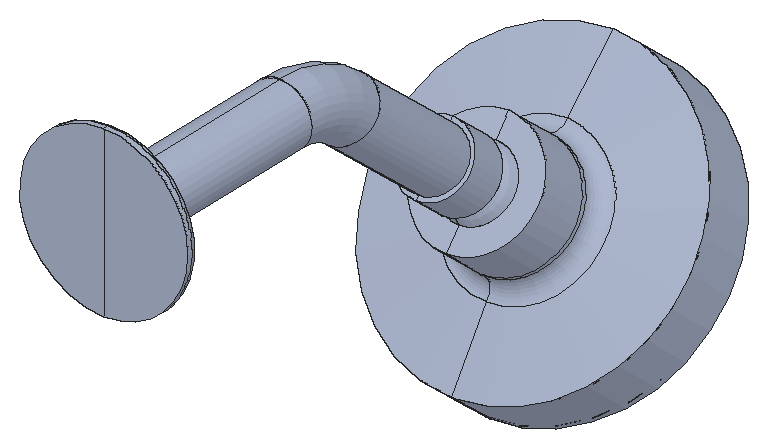
Revit family "BRG-GRF-DCH_Briggs Reg. Red. Medium ABS  Cr 10.5 cm", category Aparatos sanitarios, Revit 2020
Family settings
  Anfitrión = Muro
  Cota de conector redondo = Diámetro de uso
  Tipo de pieza = Normal
  Número OmniClass = 23.45.00.00
  Título OmniClass = Sanitary, Laundry, and Cleaning Equipment
  Siempre vertical = Sí
  Corte con vacíos al cargar = No
  Compartido = No
  Punto de cálculo de habitación = No
Parameters (values of type "REGADERA REDONDA MEDIUM ABS 10.5 CM CON BRAZO DE DUCHA")
  _EDESA_ Tipo de instalación = "A la pared"
  _EDESA_ Sku/código = "SG0069653061CW"
  _EDESA_ Profundidad en cm = "21.4"
  _EDESA_ Productos necesarios para instalación = "Mezcladora de ducha"
  _EDESA_ Productos incluídos = "Regadera redonda ø 10.5 cm"
  _EDESA_ Peso en kg = ""
  _EDESA_ Nombre = "REGADERA REDONDA MEDIUM ABS 10.5 CM CON BRAZO DE DUCHA"
  _EDESA_ Materiales = "Latón"
  _EDESA_ Manual de Instalación = "https://www.briggs.com.ec/productos/instructivos/Briggs/Griferia/Regadera_con_brazo.pdf"
  _EDESA_ Garantía = "De por vida para el cuerpo principal y acabado en cromo (306)"
  _EDESA_ Distancia de instalación en cm (muro terminado) = ""
  _EDESA_ Descripción = "Regadera de ducha."
  _EDESA_ Cumple normativa ADA = ""
  _EDESA_ Contacto comercial = "(02) 395 2900"
  _EDESA_ Consumo/capacidad de agua en L = "9.5 litros por minuto / 2.5 gpm"
  _EDESA_ Conexión hidráulica = "Entrada de agua: tubería ø 1/2\""
  _EDESA_ Color = "cromo"
  _EDESA_ Certificación = "Cumple con norma NTE - INEN 3123 basada en la norma ASME 112.18.1 - 2012."
  _EDESA_ Categoría = "Productos > Grifería > Ducha"
  _EDESA_ BIM Manager = "Arq. Milton Ruano"
  _EDESA_ Autor BIM = "www.bimplus.com.ec (bimplus.arquitectura.integrada@gmail.com)"
  _EDESA_ Ancho en cm = "10"
  _EDESA_ Alto en cm = "12"
  _ALT = 1.70 m
  URL = "https://www.briggs.com.ec/productos/fichastecnicaspdf/Briggs/Griferia/Regadera_redonda_medium_ABS_10_con_brazo.pdf"
  Modelo = "REGADERA REDONDA MEDIUM ABS 10.5 CM CON BRAZO DE DUCHA"
  Fabricante = "BRIGGS Ecuador"
  Elevación por defecto = 0.00 m
Reference planes (m)
  plane 1: y = 0
  plane 2 "Centro (Izquierda/Derecha)": x = 0.125
  plane 3 "Posterior": y = 0.075
Text (m)
  text "Cara de colocación" at (-1.787139, 0.59235, 0), in view "Nivel de referencia"
  text "Cara de colocación" at (0, 1.827695, 2.917686), in view "Izquierda"
  text "Cara de colocación" at (0, 0.562268, 3.853606), in view "Derecha"
Dimensions and locks (m)
  locked: plane 3 "Posterior" to host wall
  aligned and locked: host wall to plane 1
  aligned and locked: plane 2 "Centro (Izquierda/Derecha)" to nested 1
  aligned and locked: plane 3 "Posterior" to nested 1
Nested families (m)
  nested 1: "Familia2" at (0, 0.075, 1.7), type "Familia2"
Connectors (m)
  piping at (0.125, 0.075, 1.700779), diameter 0.0127
    settings: on nested 1, index 1, connector inside diameter 609.6 mm, connector length 0.00 m, flow factor 0, pipe flow 0.15 L/s, pressure drop 0.0 Pa, fitting loss kfactor 0, connector angle 0.00°, fixture units 0, engagement length 0.00 m, angle of deflection 0.00°, flow configuration 0, flow direction 1, fitting loss method 2, system type 7, joint type 0, gender type 0, connector reference index -1, connector utility 0, adjustable connector yes, is connector primary yes, connector description ""
Definition of nested family "Familia2"
  Parameters (values of type "Familia2")
    Default Elevation = 0.00 m
  Reference planes (m)
    plane 1 "Centro (Frontal/Posterior)": y = 0
    plane 2: z = 0
    plane 3 "Centro (Izquierda/Derecha)": x = 0
  Forms (m)
    Revolve 1, solid
      sketch origin (0.125, -0.073851, -2.099221) x (0, 1, 0) y (0, 0, 1)
        loop
          arc (0.08084, 2.109994) -> (0.079806, 2.117899) -> (0.077387, 2.125495) r 0.044795
          arc (0.077387, 2.125495) -> (0.07665, 2.126387) -> (0.075543, 2.126721) r 0.002
          line (0.075543, 2.126721) -> (0.073851, 2.126721) -> (0.073851, 2.1) -> (0.143906, 2.1) -> (0.143906, 2.109994) -> (0.08084, 2.109994)
        axis (0.073851, 2.1) -> (0.143906, 2.1)
      angle from 0 to 360
    Revolve 2, solid
      sketch origin (0.125, -0.064274, -2.1) x (0, 1, 0) y (0, 0, 1)
        loop
          line (0.153359, 2.083767) -> (0.189211, 2.053683) -> (0.188247, 2.052534) -> (0.198971, 2.043535) -> (0.202877, 2.043522) -> (0.203643, 2.042879)
          arc (0.203643, 2.042879) -> (0.204122, 2.040533) -> (0.20504, 2.038322) r 0.0125
          line (0.20504, 2.038322) -> (0.199958, 2.032264) -> (0.214512, 2.020051) -> (0.215661, 2.019087)
          arc (0.215661, 2.019087) -> (0.217605, 2.015353) -> (0.216339, 2.011339) r 0.0055
          line (0.216339, 2.011339) -> (0.202568, 1.990259) -> (0.217889, 1.977403) -> (0.217889, 1.981914) -> (0.247807, 2.017569) -> (0.159921, 2.091315) -> (0.153359, 2.083767)
        axis (0.250028, 2.015706) -> (0.159787, 2.091427)
      angle from 0 to 360
    Sweep 3, solid
      path origin (0.125, -0.06661, -2.099125) x (0, 1, 0) y (0, 0, 1)
        loop
          arc (0.168808, 2.097976) -> (0.153823, 2.106891) -> (0.136665, 2.109994) r 0.048994
      profile origin (0.125, 0.087213, 0.007766) x (0, -0.350207, -0.936672) y (1, 0, 0)
        loop
          circle (0.009994, 0) r 0.009994
    Extrusion 4, solid
      sketch origin (0.098206, 0.181062, -0.090566) x (-0.309017, -0.623949, -0.717772) y (-0.951057, 0.202733, 0.233218)
        loop
          circle (-0.024682, -0.02271) r 0.001
      from 0 to 0.001
    Extrusion 5, solid
      sketch origin (0.099584, 0.184216, -0.086939) x (-0.309017, -0.623949, -0.717772) y (-0.951057, 0.202733, 0.233218)
        loop
          circle (-0.024682, -0.02271) r 0.001
      from 0 to 0.001
    Extrusion 6, solid
      sketch origin (0.100962, 0.187369, -0.083311) x (-0.309017, -0.623949, -0.717772) y (-0.951057, 0.202733, 0.233218)
        loop
          circle (-0.024682, -0.02271) r 0.001
      from 0 to 0.001
    Extrusion 7, solid
      sketch origin (0.10234, 0.190522, -0.079684) x (-0.309017, -0.623949, -0.717772) y (-0.951057, 0.202733, 0.233218)
        loop
          circle (-0.024682, -0.02271) r 0.001
      from 0 to 0.001
    Extrusion 8, solid
      sketch origin (0.103719, 0.193675, -0.076057) x (-0.309017, -0.623949, -0.717772) y (-0.951057, 0.202733, 0.233218)
        loop
          circle (-0.024682, -0.02271) r 0.001
      from 0 to 0.001
    Extrusion 9, solid
      sketch origin (0.105097, 0.196828, -0.072429) x (-0.309017, -0.623949, -0.717772) y (-0.951057, 0.202733, 0.233218)
        loop
          circle (-0.024682, -0.02271) r 0.001
      from 0 to 0.001
    Extrusion 10, solid
      sketch origin (0.106475, 0.199982, -0.068802) x (-0.309017, -0.623949, -0.717772) y (-0.951057, 0.202733, 0.233218)
        loop
          circle (-0.024682, -0.02271) r 0.001
      from 0 to 0.001
    Extrusion 11, solid
      sketch origin (0.107853, 0.203135, -0.065175) x (-0.309017, -0.623949, -0.717772) y (-0.951057, 0.202733, 0.233218)
        loop
          circle (-0.024682, -0.02271) r 0.001
      from 0 to 0.001
    Extrusion 12, solid
      sketch origin (0.153282, 0.181062, -0.090566) x (0.309017, -0.623949, -0.717772) y (-0.951057, -0.202733, -0.233218)
        loop
          circle (-0.024682, 0.02271) r 0.001
      from 0 to 0.001
    Extrusion 13, solid
      sketch origin (0.151904, 0.184216, -0.086939) x (0.309017, -0.623949, -0.717772) y (-0.951057, -0.202733, -0.233218)
        loop
          circle (-0.024682, 0.02271) r 0.001
      from 0 to 0.001
    Extrusion 14, solid
      sketch origin (0.150526, 0.187369, -0.083311) x (0.309017, -0.623949, -0.717772) y (-0.951057, -0.202733, -0.233218)
        loop
          circle (-0.024682, 0.02271) r 0.001
      from 0 to 0.001
    Extrusion 15, solid
      sketch origin (0.149147, 0.190522, -0.079684) x (0.309017, -0.623949, -0.717772) y (-0.951057, -0.202733, -0.233218)
        loop
          circle (-0.024682, 0.02271) r 0.001
      from 0 to 0.001
    Extrusion 16, solid
      sketch origin (0.147769, 0.193675, -0.076057) x (0.309017, -0.623949, -0.717772) y (-0.951057, -0.202733, -0.233218)
        loop
          circle (-0.024682, 0.02271) r 0.001
      from 0 to 0.001
    Extrusion 17, solid
      sketch origin (0.146391, 0.196828, -0.072429) x (0.309017, -0.623949, -0.717772) y (-0.951057, -0.202733, -0.233218)
        loop
          circle (-0.024682, 0.02271) r 0.001
      from 0 to 0.001
    Extrusion 18, solid
      sketch origin (0.145013, 0.199982, -0.068802) x (0.309017, -0.623949, -0.717772) y (-0.951057, -0.202733, -0.233218)
        loop
          circle (-0.024682, 0.02271) r 0.001
      from 0 to 0.001
    Extrusion 19, solid
      sketch origin (0.143635, 0.203135, -0.065175) x (0.309017, -0.623949, -0.717772) y (-0.951057, -0.202733, -0.233218)
        loop
          circle (-0.024682, 0.02271) r 0.001
      from 0 to 0.001
    Extrusion 20, solid
      sketch origin (0.154758, 0.191735, -0.078289) x (0.767138, -0.42085, -0.484133) y (-0.641483, -0.503288, -0.578966)
        loop
          circle (-0.024682, 0.02271) r 0.001
      from 0 to 0.001
    Extrusion 21, solid
      sketch origin (0.151036, 0.193926, -0.075768) x (0.767138, -0.42085, -0.484133) y (-0.641483, -0.503288, -0.578966)
        loop
          circle (-0.024682, 0.02271) r 0.001
      from 0 to 0.001
    Extrusion 22, solid
      sketch origin (0.147315, 0.196117, -0.073248) x (0.767138, -0.42085, -0.484133) y (-0.641483, -0.503288, -0.578966)
        loop
          circle (-0.024682, 0.02271) r 0.001
      from 0 to 0.001
    Extrusion 23, solid
      sketch origin (0.143593, 0.198308, -0.070728) x (0.767138, -0.42085, -0.484133) y (-0.641483, -0.503288, -0.578966)
        loop
          circle (-0.024682, 0.02271) r 0.001
      from 0 to 0.001
    Extrusion 24, solid
      sketch origin (0.139872, 0.200498, -0.068208) x (0.767138, -0.42085, -0.484133) y (-0.641483, -0.503288, -0.578966)
        loop
          circle (-0.024682, 0.02271) r 0.001
      from 0 to 0.001
    Extrusion 25, solid
      sketch origin (0.13615, 0.202689, -0.065687) x (0.767138, -0.42085, -0.484133) y (-0.641483, -0.503288, -0.578966)
        loop
          circle (-0.024682, 0.02271) r 0.001
      from 0 to 0.001
    Extrusion 26, solid
      sketch origin (0.132429, 0.20488, -0.063167) x (0.767138, -0.42085, -0.484133) y (-0.641483, -0.503288, -0.578966)
        loop
          circle (-0.024682, 0.02271) r 0.001
      from 0 to 0.001
    Extrusion 27, solid
      sketch origin (0.128708, 0.207071, -0.060647) x (0.767138, -0.42085, -0.484133) y (-0.641483, -0.503288, -0.578966)
        loop
          circle (-0.024682, 0.02271) r 0.001
      from 0 to 0.001
    Extrusion 28, solid
      sketch origin (0.133314, 0.206781, -0.06098) x (0.911359, 0.270042, 0.310648) y (0.411613, -0.597905, -0.687811)
        loop
          circle (-0.024682, 0.02271) r 0.001
      from 0 to 0.001
    Extrusion 29, solid
      sketch origin (0.128688, 0.205536, -0.062412) x (0.911359, 0.270042, 0.310648) y (0.411613, -0.597905, -0.687811)
        loop
          circle (-0.024682, 0.02271) r 0.001
      from 0 to 0.001
    Extrusion 30, solid
      sketch origin (0.124063, 0.204291, -0.063845) x (0.911359, 0.270042, 0.310648) y (0.411613, -0.597905, -0.687811)
        loop
          circle (-0.024682, 0.02271) r 0.001
      from 0 to 0.001
    Extrusion 31, solid
      sketch origin (0.119437, 0.203046, -0.065277) x (0.911359, 0.270042, 0.310648) y (0.411613, -0.597905, -0.687811)
        loop
          circle (-0.024682, 0.02271) r 0.001
      from 0 to 0.001
    Extrusion 32, solid
      sketch origin (0.114811, 0.201801, -0.066709) x (0.911359, 0.270042, 0.310648) y (0.411613, -0.597905, -0.687811)
        loop
          circle (-0.024682, 0.02271) r 0.001
      from 0 to 0.001
    Extrusion 33, solid
      sketch origin (0.110185, 0.200556, -0.068141) x (0.911359, 0.270042, 0.310648) y (0.411613, -0.597905, -0.687811)
        loop
          circle (-0.024682, 0.02271) r 0.001
      from 0 to 0.001
    Extrusion 34, solid
      sketch origin (0.105559, 0.199311, -0.069574) x (0.911359, 0.270042, 0.310648) y (0.411613, -0.597905, -0.687811)
        loop
          circle (-0.024682, 0.02271) r 0.001
      from 0 to 0.001
    Extrusion 35, solid
      sketch origin (0.100933, 0.198066, -0.071006) x (0.911359, 0.270042, 0.310648) y (0.411613, -0.597905, -0.687811)
        loop
          circle (-0.024682, 0.02271) r 0.001
      from 0 to 0.001
    Extrusion 36, solid
      sketch origin (0.139364, 0.170867, -0.102295) x (0.979245, -0.132971, -0.152966) y (-0.202682, -0.642442, -0.739045)
        loop
          circle (-0.024682, -0.02271) r 0.001
      from 0 to 0.001
    Extrusion 37, solid
      sketch origin (0.134435, 0.171419, -0.10166) x (0.979245, -0.132971, -0.152966) y (-0.202682, -0.642442, -0.739045)
        loop
          circle (-0.024682, -0.02271) r 0.001
      from 0 to 0.001
    Extrusion 38, solid
      sketch origin (0.129507, 0.171971, -0.101024) x (0.979245, -0.132971, -0.152966) y (-0.202682, -0.642442, -0.739045)
        loop
          circle (-0.024682, -0.02271) r 0.001
      from 0 to 0.001
    Extrusion 39, solid
      sketch origin (0.124578, 0.172524, -0.100389) x (0.979245, -0.132971, -0.152966) y (-0.202682, -0.642442, -0.739045)
        loop
          circle (-0.024682, -0.02271) r 0.001
      from 0 to 0.001
    Extrusion 40, solid
      sketch origin (0.11965, 0.173076, -0.099753) x (0.979245, -0.132971, -0.152966) y (-0.202682, -0.642442, -0.739045)
        loop
          circle (-0.024682, -0.02271) r 0.001
      from 0 to 0.001
    Extrusion 41, solid
      sketch origin (0.114721, 0.173628, -0.099118) x (0.979245, -0.132971, -0.152966) y (-0.202682, -0.642442, -0.739045)
        loop
          circle (-0.024682, -0.02271) r 0.001
      from 0 to 0.001
    Extrusion 42, solid
      sketch origin (0.109792, 0.174181, -0.098483) x (0.979245, -0.132971, -0.152966) y (-0.202682, -0.642442, -0.739045)
        loop
          circle (-0.024682, -0.02271) r 0.001
      from 0 to 0.001
    Extrusion 43, solid
      sketch origin (0.104864, 0.174733, -0.097847) x (0.979245, -0.132971, -0.152966) y (-0.202682, -0.642442, -0.739045)
        loop
          circle (-0.024682, -0.02271) r 0.001
      from 0 to 0.001
    Extrusion 44, solid
      sketch origin (0.103052, 0.178685, -0.093301) x (-0.888805, 0.300663, 0.345873) y (0.458286, 0.583108, 0.67079)
        loop
          circle (-0.024682, 0.02271) r 0.001
      from 0 to 0.001
    Extrusion 45, solid
      sketch origin (0.107413, 0.177081, -0.095146) x (-0.888805, 0.300663, 0.345873) y (0.458286, 0.583108, 0.67079)
        loop
          circle (-0.024682, 0.02271) r 0.001
      from 0 to 0.001
    Extrusion 46, solid
      sketch origin (0.111775, 0.175477, -0.096992) x (-0.888805, 0.300663, 0.345873) y (0.458286, 0.583108, 0.67079)
        loop
          circle (-0.024682, 0.02271) r 0.001
      from 0 to 0.001
    Extrusion 47, solid
      sketch origin (0.116136, 0.173873, -0.098837) x (-0.888805, 0.300663, 0.345873) y (0.458286, 0.583108, 0.67079)
        loop
          circle (-0.024682, 0.02271) r 0.001
      from 0 to 0.001
    Extrusion 48, solid
      sketch origin (0.120497, 0.172269, -0.100682) x (-0.888805, 0.300663, 0.345873) y (0.458286, 0.583108, 0.67079)
        loop
          circle (-0.024682, 0.02271) r 0.001
      from 0 to 0.001
    Extrusion 49, solid
      sketch origin (0.124859, 0.170664, -0.102528) x (-0.888805, 0.300663, 0.345873) y (0.458286, 0.583108, 0.67079)
        loop
          circle (-0.024682, 0.02271) r 0.001
      from 0 to 0.001
    Extrusion 50, solid
      sketch origin (0.12922, 0.16906, -0.104373) x (-0.888805, 0.300663, 0.345873) y (0.458286, 0.583108, 0.67079)
        loop
          circle (-0.024682, 0.02271) r 0.001
      from 0 to 0.001
    Extrusion 51, solid
      sketch origin (0.140226, 0.202839, -0.065515) x (-0.449684, 0.585984, 0.674097) y (0.893187, 0.29502, 0.339381)
        loop
          circle (-0.024682, -0.02271) r 0.001
      from 0 to 0.001
    Extrusion 52, solid
      sketch origin (0.142629, 0.199962, -0.068824) x (-0.449684, 0.585984, 0.674097) y (0.893187, 0.29502, 0.339381)
        loop
          circle (-0.024682, -0.02271) r 0.001
      from 0 to 0.001
    Extrusion 53, solid
      sketch origin (0.145032, 0.197086, -0.072133) x (-0.449684, 0.585984, 0.674097) y (0.893187, 0.29502, 0.339381)
        loop
          circle (-0.024682, -0.02271) r 0.001
      from 0 to 0.001
    Extrusion 54, solid
      sketch origin (0.147434, 0.194209, -0.075443) x (-0.449684, 0.585984, 0.674097) y (0.893187, 0.29502, 0.339381)
        loop
          circle (-0.024682, -0.02271) r 0.001
      from 0 to 0.001
    Extrusion 55, solid
      sketch origin (0.149837, 0.191332, -0.078752) x (-0.449684, 0.585984, 0.674097) y (0.893187, 0.29502, 0.339381)
        loop
          circle (-0.024682, -0.02271) r 0.001
      from 0 to 0.001
    Extrusion 56, solid
      sketch origin (0.15224, 0.188456, -0.082061) x (-0.449684, 0.585984, 0.674097) y (0.893187, 0.29502, 0.339381)
        loop
          circle (-0.024682, -0.02271) r 0.001
      from 0 to 0.001
    Extrusion 57, solid
      sketch origin (0.154643, 0.185579, -0.08537) x (-0.449684, 0.585984, 0.674097) y (0.893187, 0.29502, 0.339381)
        loop
          circle (-0.024682, -0.02271) r 0.001
      from 0 to 0.001
    Extrusion 58, solid
      sketch origin (0.150025, 0.195539, -0.073913) x (0.093658, 0.653175, 0.751392) y (0.995604, -0.061445, -0.070685)
        loop
          circle (-0.024682, -0.02271) r 0.001
      from 0 to 0.001
    Extrusion 59, solid
      sketch origin (0.14973, 0.192265, -0.07768) x (0.093658, 0.653175, 0.751392) y (0.995604, -0.061445, -0.070685)
        loop
          circle (-0.024682, -0.02271) r 0.001
      from 0 to 0.001
    Extrusion 60, solid
      sketch origin (0.149436, 0.18899, -0.081447) x (0.093658, 0.653175, 0.751392) y (0.995604, -0.061445, -0.070685)
        loop
          circle (-0.024682, -0.02271) r 0.001
      from 0 to 0.001
    Extrusion 61, solid
      sketch origin (0.149142, 0.185715, -0.085214) x (0.093658, 0.653175, 0.751392) y (0.995604, -0.061445, -0.070685)
        loop
          circle (-0.024682, -0.02271) r 0.001
      from 0 to 0.001
    Extrusion 62, solid
      sketch origin (0.148847, 0.182441, -0.088981) x (0.093658, 0.653175, 0.751392) y (0.995604, -0.061445, -0.070685)
        loop
          circle (-0.024682, -0.02271) r 0.001
      from 0 to 0.001
    Extrusion 63, solid
      sketch origin (0.148553, 0.179166, -0.092748) x (0.093658, 0.653175, 0.751392) y (0.995604, -0.061445, -0.070685)
        loop
          circle (-0.024682, -0.02271) r 0.001
      from 0 to 0.001
    Extrusion 64, solid
      sketch origin (0.148259, 0.175891, -0.096515) x (0.093658, 0.653175, 0.751392) y (0.995604, -0.061445, -0.070685)
        loop
          circle (-0.024682, -0.02271) r 0.001
      from 0 to 0.001
    Extrusion 65, solid
      sketch origin (0.116998, 0.206534, -0.061264) x (0.553141, 0.546555, 0.62874) y (0.833088, -0.362893, -0.41746)
        loop
          circle (-0.024682, 0.02271) r 0.001
      from 0 to 0.001
    Extrusion 66, solid
      sketch origin (0.114089, 0.203867, -0.064333) x (0.553141, 0.546555, 0.62874) y (0.833088, -0.362893, -0.41746)
        loop
          circle (-0.024682, 0.02271) r 0.001
      from 0 to 0.001
    Extrusion 67, solid
      sketch origin (0.111179, 0.201199, -0.067402) x (0.553141, 0.546555, 0.62874) y (0.833088, -0.362893, -0.41746)
        loop
          circle (-0.024682, 0.02271) r 0.001
      from 0 to 0.001
    Extrusion 68, solid
      sketch origin (0.10827, 0.198531, -0.070471) x (0.553141, 0.546555, 0.62874) y (0.833088, -0.362893, -0.41746)
        loop
          circle (-0.024682, 0.02271) r 0.001
      from 0 to 0.001
    Extrusion 69, solid
      sketch origin (0.10536, 0.195863, -0.07354) x (0.553141, 0.546555, 0.62874) y (0.833088, -0.362893, -0.41746)
        loop
          circle (-0.024682, 0.02271) r 0.001
      from 0 to 0.001
    Extrusion 70, solid
      sketch origin (0.102451, 0.193196, -0.076609) x (0.553141, 0.546555, 0.62874) y (0.833088, -0.362893, -0.41746)
        loop
          circle (-0.024682, 0.02271) r 0.001
      from 0 to 0.001
    Extrusion 71, solid
      sketch origin (0.099542, 0.190528, -0.079677) x (0.553141, 0.546555, 0.62874) y (0.833088, -0.362893, -0.41746)
        loop
          circle (-0.024682, 0.02271) r 0.001
      from 0 to 0.001
    Extrusion 72, solid
      sketch origin (0.096632, 0.18786, -0.082746) x (0.553141, 0.546555, 0.62874) y (0.833088, -0.362893, -0.41746)
        loop
          circle (-0.024682, 0.02271) r 0.001
      from 0 to 0.001
    Extrusion 73, solid
      sketch origin (0.114085, 0.172179, -0.100785) x (-0.996442, -0.055292, -0.063606) y (-0.084278, 0.653725, 0.752025)
        loop
          circle (-0.024682, 0.02271) r 0.001
      from 0 to 0.001
    Extrusion 74, solid
      sketch origin (0.119079, 0.172341, -0.100599) x (-0.996442, -0.055292, -0.063606) y (-0.084278, 0.653725, 0.752025)
        loop
          circle (-0.024682, 0.02271) r 0.001
      from 0 to 0.001
    Extrusion 75, solid
      sketch origin (0.124072, 0.172503, -0.100412) x (-0.996442, -0.055292, -0.063606) y (-0.084278, 0.653725, 0.752025)
        loop
          circle (-0.024682, 0.02271) r 0.001
      from 0 to 0.001
    Extrusion 76, solid
      sketch origin (0.129066, 0.172666, -0.100226) x (-0.996442, -0.055292, -0.063606) y (-0.084278, 0.653725, 0.752025)
        loop
          circle (-0.024682, 0.02271) r 0.001
      from 0 to 0.001
    Extrusion 77, solid
      sketch origin (0.13406, 0.172828, -0.100039) x (-0.996442, -0.055292, -0.063606) y (-0.084278, 0.653725, 0.752025)
        loop
          circle (-0.024682, 0.02271) r 0.001
      from 0 to 0.001
    Extrusion 78, solid
      sketch origin (0.139054, 0.17299, -0.099852) x (-0.996442, -0.055292, -0.063606) y (-0.084278, 0.653725, 0.752025)
        loop
          circle (-0.024682, 0.02271) r 0.001
      from 0 to 0.001
    Extrusion 79, solid
      sketch origin (0.144048, 0.173152, -0.099666) x (-0.996442, -0.055292, -0.063606) y (-0.084278, 0.653725, 0.752025)
        loop
          circle (-0.024682, 0.02271) r 0.001
      from 0 to 0.001
    Extrusion 80, solid
      sketch origin (0.09764, 0.193939, -0.075753) x (-0.838131, -0.35786, -0.411671) y (-0.545469, 0.549863, 0.632546)
        loop
          circle (-0.024682, -0.02271) r 0.001
      from 0 to 0.001
    Extrusion 81, solid
      sketch origin (0.101733, 0.195823, -0.073585) x (-0.838131, -0.35786, -0.411671) y (-0.545469, 0.549863, 0.632546)
        loop
          circle (-0.024682, -0.02271) r 0.001
      from 0 to 0.001
    Extrusion 82, solid
      sketch origin (0.105826, 0.197708, -0.071418) x (-0.838131, -0.35786, -0.411671) y (-0.545469, 0.549863, 0.632546)
        loop
          circle (-0.024682, -0.02271) r 0.001
      from 0 to 0.001
    Extrusion 83, solid
      sketch origin (0.109919, 0.199592, -0.069251) x (-0.838131, -0.35786, -0.411671) y (-0.545469, 0.549863, 0.632546)
        loop
          circle (-0.024682, -0.02271) r 0.001
      from 0 to 0.001
    Extrusion 84, solid
      sketch origin (0.114012, 0.201476, -0.067083) x (-0.838131, -0.35786, -0.411671) y (-0.545469, 0.549863, 0.632546)
        loop
          circle (-0.024682, -0.02271) r 0.001
      from 0 to 0.001
    Extrusion 85, solid
      sketch origin (0.118105, 0.20336, -0.064916) x (-0.838131, -0.35786, -0.411671) y (-0.545469, 0.549863, 0.632546)
        loop
          circle (-0.024682, -0.02271) r 0.001
      from 0 to 0.001
    Extrusion 86, solid
      sketch origin (0.122198, 0.205244, -0.062748) x (-0.838131, -0.35786, -0.411671) y (-0.545469, 0.549863, 0.632546)
        loop
          circle (-0.024682, -0.02271) r 0.001
      from 0 to 0.001
    Extrusion 87, solid
      sketch origin (0.126291, 0.207128, -0.060581) x (-0.838131, -0.35786, -0.411671) y (-0.545469, 0.549863, 0.632546)
        loop
          circle (-0.024682, -0.02271) r 0.001
      from 0 to 0.001
    Revolve 88, solid
      sketch origin (0.125, -0.064274, -2.1) x (0, 1, 0) y (0, 0, 1)
        loop
          line (0.249804, 2.014325) -> (0.248576, 2.015393) -> (0.217419, 1.979551) -> (0.216516, 1.980336) -> (0.215621, 1.979306) -> (0.216243, 1.978766)
          arc (0.216243, 1.978766) -> (0.217695, 1.97828) -> (0.219064, 1.978963) r 0.002
          line (0.219064, 1.978963) -> (0.249804, 2.014325)
        axis (0.247673, 2.016178) -> (0.249804, 2.014325)
      angle from 0 to 360
    Extrusion 89, solid
      sketch origin (0.097399, 0.185376, -0.085604) x (-0.526721, -0.557675, -0.641532) y (-0.850038, 0.34556, 0.397522)
        loop
          circle (-0.024682, -0.02271) r 0.001
      from 0 to 0.001
    Extrusion 90, solid
      sketch origin (0.099883, 0.188223, -0.082329) x (-0.526721, -0.557675, -0.641532) y (-0.850038, 0.34556, 0.397522)
        loop
          circle (-0.024682, -0.02271) r 0.001
      from 0 to 0.001
    Extrusion 91, solid
      sketch origin (0.102367, 0.19107, -0.079054) x (-0.526721, -0.557675, -0.641532) y (-0.850038, 0.34556, 0.397522)
        loop
          circle (-0.024682, -0.02271) r 0.001
      from 0 to 0.001
    Extrusion 92, solid
      sketch origin (0.10485, 0.193917, -0.075779) x (-0.526721, -0.557675, -0.641532) y (-0.850038, 0.34556, 0.397522)
        loop
          circle (-0.024682, -0.02271) r 0.001
      from 0 to 0.001
    Extrusion 93, solid
      sketch origin (0.107334, 0.196764, -0.072504) x (-0.526721, -0.557675, -0.641532) y (-0.850038, 0.34556, 0.397522)
        loop
          circle (-0.024682, -0.02271) r 0.001
      from 0 to 0.001
    Extrusion 94, solid
      sketch origin (0.109818, 0.199611, -0.069229) x (-0.526721, -0.557675, -0.641532) y (-0.850038, 0.34556, 0.397522)
        loop
          circle (-0.024682, -0.02271) r 0.001
      from 0 to 0.001
    Extrusion 95, solid
      sketch origin (0.112301, 0.202458, -0.065954) x (-0.526721, -0.557675, -0.641532) y (-0.850038, 0.34556, 0.397522)
        loop
          circle (-0.024682, -0.02271) r 0.001
      from 0 to 0.001
    Extrusion 96, solid
      sketch origin (0.114785, 0.205305, -0.062679) x (-0.526721, -0.557675, -0.641532) y (-0.850038, 0.34556, 0.397522)
        loop
          circle (-0.024682, -0.02271) r 0.001
      from 0 to 0.001
    Extrusion 97, solid
      sketch origin (0.150696, 0.180044, -0.091737) x (0.073513, -0.654284, -0.752668) y (-0.997294, -0.048229, -0.055481)
        loop
          circle (-0.024682, 0.02271) r 0.001
      from 0 to 0.001
    Extrusion 98, solid
      sketch origin (0.150503, 0.183322, -0.087966) x (0.073513, -0.654284, -0.752668) y (-0.997294, -0.048229, -0.055481)
        loop
          circle (-0.024682, 0.02271) r 0.001
      from 0 to 0.001
    Extrusion 99, solid
      sketch origin (0.150309, 0.1866, -0.084196) x (0.073513, -0.654284, -0.752668) y (-0.997294, -0.048229, -0.055481)
        loop
          circle (-0.024682, 0.02271) r 0.001
      from 0 to 0.001
    Extrusion 100, solid
      sketch origin (0.150116, 0.189878, -0.080425) x (0.073513, -0.654284, -0.752668) y (-0.997294, -0.048229, -0.055481)
        loop
          circle (-0.024682, 0.02271) r 0.001
      from 0 to 0.001
    Extrusion 101, solid
      sketch origin (0.149923, 0.193156, -0.076654) x (0.073513, -0.654284, -0.752668) y (-0.997294, -0.048229, -0.055481)
        loop
          circle (-0.024682, 0.02271) r 0.001
      from 0 to 0.001
    Extrusion 102, solid
      sketch origin (0.149729, 0.196434, -0.072884) x (0.073513, -0.654284, -0.752668) y (-0.997294, -0.048229, -0.055481)
        loop
          circle (-0.024682, 0.02271) r 0.001
      from 0 to 0.001
    Extrusion 103, solid
      sketch origin (0.149536, 0.199711, -0.069113) x (0.073513, -0.654284, -0.752668) y (-0.997294, -0.048229, -0.055481)
        loop
          circle (-0.024682, 0.02271) r 0.001
      from 0 to 0.001
    Extrusion 104, solid
      sketch origin (0.15338, 0.189611, -0.080732) x (0.592201, -0.528646, -0.608138) y (-0.80579, -0.388519, -0.44694)
        loop
          circle (-0.024682, 0.02271) r 0.001
      from 0 to 0.001
    Extrusion 105, solid
      sketch origin (0.150561, 0.19232, -0.077616) x (0.592201, -0.528646, -0.608138) y (-0.80579, -0.388519, -0.44694)
        loop
          circle (-0.024682, 0.02271) r 0.001
      from 0 to 0.001
    Extrusion 106, solid
      sketch origin (0.147743, 0.19503, -0.074499) x (0.592201, -0.528646, -0.608138) y (-0.80579, -0.388519, -0.44694)
        loop
          circle (-0.024682, 0.02271) r 0.001
      from 0 to 0.001
    Extrusion 107, solid
      sketch origin (0.144924, 0.197739, -0.071382) x (0.592201, -0.528646, -0.608138) y (-0.80579, -0.388519, -0.44694)
        loop
          circle (-0.024682, 0.02271) r 0.001
      from 0 to 0.001
    Extrusion 108, solid
      sketch origin (0.142106, 0.200448, -0.068265) x (0.592201, -0.528646, -0.608138) y (-0.80579, -0.388519, -0.44694)
        loop
          circle (-0.024682, 0.02271) r 0.001
      from 0 to 0.001
    Extrusion 109, solid
      sketch origin (0.139287, 0.203158, -0.065148) x (0.592201, -0.528646, -0.608138) y (-0.80579, -0.388519, -0.44694)
        loop
          circle (-0.024682, 0.02271) r 0.001
      from 0 to 0.001
    Extrusion 110, solid
      sketch origin (0.136468, 0.205867, -0.062031) x (0.592201, -0.528646, -0.608138) y (-0.80579, -0.388519, -0.44694)
        loop
          circle (-0.024682, 0.02271) r 0.001
      from 0 to 0.001
    Extrusion 111, solid
      sketch origin (0.135893, 0.20438, -0.063742) x (0.983185, 0.119805, 0.137819) y (0.182613, -0.645027, -0.742019)
        loop
          circle (-0.024682, 0.02271) r 0.001
      from 0 to 0.001
    Extrusion 112, solid
      sketch origin (0.130948, 0.203894, -0.064302) x (0.983185, 0.119805, 0.137819) y (0.182613, -0.645027, -0.742019)
        loop
          circle (-0.024682, 0.02271) r 0.001
      from 0 to 0.001
    Extrusion 113, solid
      sketch origin (0.126003, 0.203408, -0.064861) x (0.983185, 0.119805, 0.137819) y (0.182613, -0.645027, -0.742019)
        loop
          circle (-0.024682, 0.02271) r 0.001
      from 0 to 0.001
    Extrusion 114, solid
      sketch origin (0.121058, 0.202922, -0.06542) x (0.983185, 0.119805, 0.137819) y (0.182613, -0.645027, -0.742019)
        loop
          circle (-0.024682, 0.02271) r 0.001
      from 0 to 0.001
    Extrusion 115, solid
      sketch origin (0.116113, 0.202435, -0.065979) x (0.983185, 0.119805, 0.137819) y (0.182613, -0.645027, -0.742019)
        loop
          circle (-0.024682, 0.02271) r 0.001
      from 0 to 0.001
    Extrusion 116, solid
      sketch origin (0.111169, 0.201949, -0.066538) x (0.983185, 0.119805, 0.137819) y (0.182613, -0.645027, -0.742019)
        loop
          circle (-0.024682, 0.02271) r 0.001
      from 0 to 0.001
    Extrusion 117, solid
      sketch origin (0.106224, 0.201463, -0.067098) x (0.983185, 0.119805, 0.137819) y (0.182613, -0.645027, -0.742019)
        loop
          circle (-0.024682, 0.02271) r 0.001
      from 0 to 0.001
    Extrusion 118, solid
      sketch origin (0.129083, 0.170347, -0.102893) x (0.90275, -0.282214, -0.32465) y (-0.430165, -0.592257, -0.681314)
        loop
          circle (-0.024682, -0.02271) r 0.001
      from 0 to 0.001
    Extrusion 119, solid
      sketch origin (0.124497, 0.171654, -0.101389) x (0.90275, -0.282214, -0.32465) y (-0.430165, -0.592257, -0.681314)
        loop
          circle (-0.024682, -0.02271) r 0.001
      from 0 to 0.001
    Extrusion 120, solid
      sketch origin (0.119911, 0.172961, -0.099886) x (0.90275, -0.282214, -0.32465) y (-0.430165, -0.592257, -0.681314)
        loop
          circle (-0.024682, -0.02271) r 0.001
      from 0 to 0.001
    Extrusion 121, solid
      sketch origin (0.115325, 0.174268, -0.098383) x (0.90275, -0.282214, -0.32465) y (-0.430165, -0.592257, -0.681314)
        loop
          circle (-0.024682, -0.02271) r 0.001
      from 0 to 0.001
    Extrusion 122, solid
      sketch origin (0.110739, 0.175574, -0.096879) x (0.90275, -0.282214, -0.32465) y (-0.430165, -0.592257, -0.681314)
        loop
          circle (-0.024682, -0.02271) r 0.001
      from 0 to 0.001
    Extrusion 123, solid
      sketch origin (0.106153, 0.176881, -0.095376) x (0.90275, -0.282214, -0.32465) y (-0.430165, -0.592257, -0.681314)
        loop
          circle (-0.024682, -0.02271) r 0.001
      from 0 to 0.001
    Extrusion 124, solid
      sketch origin (0.101567, 0.178188, -0.093873) x (0.90275, -0.282214, -0.32465) y (-0.430165, -0.592257, -0.681314)
        loop
          circle (-0.024682, -0.02271) r 0.001
      from 0 to 0.001
    Extrusion 125, solid
      sketch origin (0.097589, 0.184549, -0.086555) x (-0.754013, 0.430938, 0.495738) y (0.656859, 0.494677, 0.569061)
        loop
          circle (-0.024682, 0.02271) r 0.001
      from 0 to 0.001
    Extrusion 126, solid
      sketch origin (0.101243, 0.18231, -0.089131) x (-0.754013, 0.430938, 0.495738) y (0.656859, 0.494677, 0.569061)
        loop
          circle (-0.024682, 0.02271) r 0.001
      from 0 to 0.001
    Extrusion 127, solid
      sketch origin (0.104896, 0.18007, -0.091708) x (-0.754013, 0.430938, 0.495738) y (0.656859, 0.494677, 0.569061)
        loop
          circle (-0.024682, 0.02271) r 0.001
      from 0 to 0.001
    Extrusion 128, solid
      sketch origin (0.108549, 0.17783, -0.094284) x (-0.754013, 0.430938, 0.495738) y (0.656859, 0.494677, 0.569061)
        loop
          circle (-0.024682, 0.02271) r 0.001
      from 0 to 0.001
    Extrusion 129, solid
      sketch origin (0.112202, 0.17559, -0.096861) x (-0.754013, 0.430938, 0.495738) y (0.656859, 0.494677, 0.569061)
        loop
          circle (-0.024682, 0.02271) r 0.001
      from 0 to 0.001
    Extrusion 130, solid
      sketch origin (0.115855, 0.173351, -0.099437) x (-0.754013, 0.430938, 0.495738) y (0.656859, 0.494677, 0.569061)
        loop
          circle (-0.024682, 0.02271) r 0.001
      from 0 to 0.001
    Extrusion 131, solid
      sketch origin (0.119508, 0.171111, -0.102014) x (-0.754013, 0.430938, 0.495738) y (0.656859, 0.494677, 0.569061)
        loop
          circle (-0.024682, 0.02271) r 0.001
      from 0 to 0.001
    Extrusion 132, solid
      sketch origin (0.123162, 0.168871, -0.10459) x (-0.754013, 0.430938, 0.495738) y (0.656859, 0.494677, 0.569061)
        loop
          circle (-0.024682, 0.02271) r 0.001
      from 0 to 0.001
    Extrusion 133, solid
      sketch origin (0.144829, 0.203126, -0.065184) x (-0.223918, 0.6394, 0.735546) y (0.974608, 0.146903, 0.168993)
        loop
          circle (-0.024682, -0.02271) r 0.001
      from 0 to 0.001
    Extrusion 134, solid
      sketch origin (0.146118, 0.199957, -0.06883) x (-0.223918, 0.6394, 0.735546) y (0.974608, 0.146903, 0.168993)
        loop
          circle (-0.024682, -0.02271) r 0.001
      from 0 to 0.001
    Extrusion 135, solid
      sketch origin (0.147407, 0.196788, -0.072476) x (-0.223918, 0.6394, 0.735546) y (0.974608, 0.146903, 0.168993)
        loop
          circle (-0.024682, -0.02271) r 0.001
      from 0 to 0.001
    Extrusion 136, solid
      sketch origin (0.148696, 0.193618, -0.076122) x (-0.223918, 0.6394, 0.735546) y (0.974608, 0.146903, 0.168993)
        loop
          circle (-0.024682, -0.02271) r 0.001
      from 0 to 0.001
    Extrusion 137, solid
      sketch origin (0.149985, 0.190449, -0.079768) x (-0.223918, 0.6394, 0.735546) y (0.974608, 0.146903, 0.168993)
        loop
          circle (-0.024682, -0.02271) r 0.001
      from 0 to 0.001
    Extrusion 138, solid
      sketch origin (0.151274, 0.187279, -0.083414) x (-0.223918, 0.6394, 0.735546) y (0.974608, 0.146903, 0.168993)
        loop
          circle (-0.024682, -0.02271) r 0.001
      from 0 to 0.001
    Extrusion 139, solid
      sketch origin (0.152563, 0.18411, -0.08706) x (-0.223918, 0.6394, 0.735546) y (0.974608, 0.146903, 0.168993)
        loop
          circle (-0.024682, -0.02271) r 0.001
      from 0 to 0.001
    Extrusion 140, solid
      sketch origin (0.153852, 0.18094, -0.090706) x (-0.223918, 0.6394, 0.735546) y (0.974608, 0.146903, 0.168993)
        loop
          circle (-0.024682, -0.02271) r 0.001
      from 0 to 0.001
    Extrusion 141, solid
      sketch origin (0.154458, 0.19447, -0.075143) x (0.328179, 0.619723, 0.71291) y (0.944615, -0.215305, -0.24768)
        loop
          circle (-0.024682, -0.02271) r 0.001
      from 0 to 0.001
    Extrusion 142, solid
      sketch origin (0.152983, 0.191336, -0.078748) x (0.328179, 0.619723, 0.71291) y (0.944615, -0.215305, -0.24768)
        loop
          circle (-0.024682, -0.02271) r 0.001
      from 0 to 0.001
    Extrusion 143, solid
      sketch origin (0.151508, 0.188201, -0.082354) x (0.328179, 0.619723, 0.71291) y (0.944615, -0.215305, -0.24768)
        loop
          circle (-0.024682, -0.02271) r 0.001
      from 0 to 0.001
    Extrusion 144, solid
      sketch origin (0.150033, 0.185067, -0.085959) x (0.328179, 0.619723, 0.71291) y (0.944615, -0.215305, -0.24768)
        loop
          circle (-0.024682, -0.02271) r 0.001
      from 0 to 0.001
    Extrusion 145, solid
      sketch origin (0.148558, 0.181933, -0.089565) x (0.328179, 0.619723, 0.71291) y (0.944615, -0.215305, -0.24768)
        loop
          circle (-0.024682, -0.02271) r 0.001
      from 0 to 0.001
    Extrusion 146, solid
      sketch origin (0.147083, 0.178798, -0.093171) x (0.328179, 0.619723, 0.71291) y (0.944615, -0.215305, -0.24768)
        loop
          circle (-0.024682, -0.02271) r 0.001
      from 0 to 0.001
    Extrusion 147, solid
      sketch origin (0.145608, 0.175664, -0.096776) x (0.328179, 0.619723, 0.71291) y (0.944615, -0.215305, -0.24768)
        loop
          circle (-0.024682, -0.02271) r 0.001
      from 0 to 0.001
    Extrusion 148, solid
      sketch origin (0.144133, 0.17253, -0.100382) x (0.328179, 0.619723, 0.71291) y (0.944615, -0.215305, -0.24768)
        loop
          circle (-0.024682, -0.02271) r 0.001
      from 0 to 0.001
    Extrusion 149, solid
      sketch origin (0.121107, 0.205041, -0.062982) x (0.735706, 0.444349, 0.511165) y (0.677301, -0.482667, -0.555245)
        loop
          circle (-0.024682, 0.02271) r 0.001
      from 0 to 0.001
    Extrusion 150, solid
      sketch origin (0.117312, 0.202904, -0.06544) x (0.735706, 0.444349, 0.511165) y (0.677301, -0.482667, -0.555245)
        loop
          circle (-0.024682, 0.02271) r 0.001
      from 0 to 0.001
    Extrusion 151, solid
      sketch origin (0.113518, 0.200768, -0.067897) x (0.735706, 0.444349, 0.511165) y (0.677301, -0.482667, -0.555245)
        loop
          circle (-0.024682, 0.02271) r 0.001
      from 0 to 0.001
    Extrusion 152, solid
      sketch origin (0.109723, 0.198632, -0.070354) x (0.735706, 0.444349, 0.511165) y (0.677301, -0.482667, -0.555245)
        loop
          circle (-0.024682, 0.02271) r 0.001
      from 0 to 0.001
    Extrusion 153, solid
      sketch origin (0.105929, 0.196496, -0.072812) x (0.735706, 0.444349, 0.511165) y (0.677301, -0.482667, -0.555245)
        loop
          circle (-0.024682, 0.02271) r 0.001
      from 0 to 0.001
    Extrusion 154, solid
      sketch origin (0.102134, 0.19436, -0.075269) x (0.735706, 0.444349, 0.511165) y (0.677301, -0.482667, -0.555245)
        loop
          circle (-0.024682, 0.02271) r 0.001
      from 0 to 0.001
    Extrusion 155, solid
      sketch origin (0.09834, 0.192224, -0.077727) x (0.735706, 0.444349, 0.511165) y (0.677301, -0.482667, -0.555245)
        loop
          circle (-0.024682, 0.02271) r 0.001
      from 0 to 0.001
    Extrusion 156, solid
      sketch origin (0.104686, 0.174889, -0.097667) x (-0.987825, 0.102061, 0.117408) y (0.155567, 0.648072, 0.745521)
        loop
          circle (-0.024682, 0.02271) r 0.001
      from 0 to 0.001
    Extrusion 157, solid
      sketch origin (0.109595, 0.174266, -0.098384) x (-0.987825, 0.102061, 0.117408) y (0.155567, 0.648072, 0.745521)
        loop
          circle (-0.024682, 0.02271) r 0.001
      from 0 to 0.001
    Extrusion 158, solid
      sketch origin (0.114504, 0.173643, -0.099101) x (-0.987825, 0.102061, 0.117408) y (0.155567, 0.648072, 0.745521)
        loop
          circle (-0.024682, 0.02271) r 0.001
      from 0 to 0.001
    Extrusion 159, solid
      sketch origin (0.119413, 0.17302, -0.099818) x (-0.987825, 0.102061, 0.117408) y (0.155567, 0.648072, 0.745521)
        loop
          circle (-0.024682, 0.02271) r 0.001
      from 0 to 0.001
    Extrusion 160, solid
      sketch origin (0.124322, 0.172397, -0.100535) x (-0.987825, 0.102061, 0.117408) y (0.155567, 0.648072, 0.745521)
        loop
          circle (-0.024682, 0.02271) r 0.001
      from 0 to 0.001
    Extrusion 161, solid
      sketch origin (0.129231, 0.171774, -0.101251) x (-0.987825, 0.102061, 0.117408) y (0.155567, 0.648072, 0.745521)
        loop
          circle (-0.024682, 0.02271) r 0.001
      from 0 to 0.001
    Extrusion 162, solid
      sketch origin (0.13414, 0.171151, -0.101968) x (-0.987825, 0.102061, 0.117408) y (0.155567, 0.648072, 0.745521)
        loop
          circle (-0.024682, 0.02271) r 0.001
      from 0 to 0.001
    Extrusion 163, solid
      sketch origin (0.139049, 0.170528, -0.102685) x (-0.987825, 0.102061, 0.117408) y (0.155567, 0.648072, 0.745521)
        loop
          circle (-0.024682, 0.02271) r 0.001
      from 0 to 0.001
    Extrusion 164, solid
      sketch origin (0.101527, 0.19797, -0.071116) x (-0.943959, -0.21654, -0.249101) y (-0.330062, 0.619293, 0.712415)
        loop
          circle (-0.024682, -0.02271) r 0.001
      from 0 to 0.001
    Extrusion 165, solid
      sketch origin (0.106186, 0.19916, -0.069747) x (-0.943959, -0.21654, -0.249101) y (-0.330062, 0.619293, 0.712415)
        loop
          circle (-0.024682, -0.02271) r 0.001
      from 0 to 0.001
    Extrusion 166, solid
      sketch origin (0.110845, 0.200351, -0.068378) x (-0.943959, -0.21654, -0.249101) y (-0.330062, 0.619293, 0.712415)
        loop
          circle (-0.024682, -0.02271) r 0.001
      from 0 to 0.001
    Extrusion 167, solid
      sketch origin (0.115505, 0.201541, -0.067009) x (-0.943959, -0.21654, -0.249101) y (-0.330062, 0.619293, 0.712415)
        loop
          circle (-0.024682, -0.02271) r 0.001
      from 0 to 0.001
    Extrusion 168, solid
      sketch origin (0.120164, 0.202731, -0.065639) x (-0.943959, -0.21654, -0.249101) y (-0.330062, 0.619293, 0.712415)
        loop
          circle (-0.024682, -0.02271) r 0.001
      from 0 to 0.001
    Extrusion 169, solid
      sketch origin (0.124823, 0.203921, -0.06427) x (-0.943959, -0.21654, -0.249101) y (-0.330062, 0.619293, 0.712415)
        loop
          circle (-0.024682, -0.02271) r 0.001
      from 0 to 0.001
    Extrusion 170, solid
      sketch origin (0.129483, 0.205111, -0.062901) x (-0.943959, -0.21654, -0.249101) y (-0.330062, 0.619293, 0.712415)
        loop
          circle (-0.024682, -0.02271) r 0.001
      from 0 to 0.001
    Extrusion 171, solid
      sketch origin (0.134142, 0.206301, -0.061532) x (-0.943959, -0.21654, -0.249101) y (-0.330062, 0.619293, 0.712415)
        loop
          circle (-0.024682, -0.02271) r 0.001
      from 0 to 0.001
  Dimensions and locks (m)
    aligned and locked: level to plane 2
  Connectors (m)
    piping at (0.125, 0.001149, 0.000779), diameter 0.0125
      settings: on Revolve 1, index 2, connector inside diameter 609.6 mm, connector length 0.00 m, flow factor 0, pipe flow 0.0 L/s, pressure drop 0.0 Pa, fitting loss kfactor 0, connector angle 0.00°, fixture units 0, engagement length 0.00 m, angle of deflection 0.00°, flow configuration 0, flow direction 1, fitting loss method 0, system type 7, joint type 0, gender type 0, connector reference index -1, connector utility 0, adjustable connector no, is connector primary yes, connector description ""
